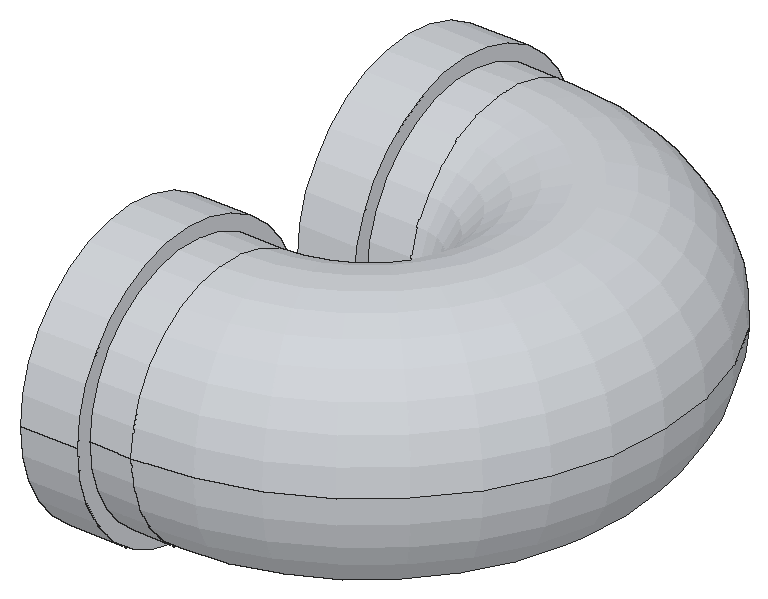
Revit family "M_Return Bend Open-Pattern - Threaded - MI - Class 150", category Pipe Fittings, Revit 2014
Parameters (values of type "Standard")
  Tick Size [instance] = Fitting Outside Diameter * 0.4  # 10.88 mm
  Thread Length [instance] = size_lookup(Lookup Table Name, "TLgt", 0.19 * Nominal Diameter + 9.624 mm, Nominal Diameter)  # 10.9 mm
  Nominal Radius [instance] = 7.5 mm
  Nominal Diameter [instance] = Nominal Radius * 2  # 15 mm
  Metal Thickness [instance] = size_lookup(Lookup Table Name, "MThk", 0.06 * Nominal Diameter + 2.282 mm, Nominal Diameter)  # 2.95 mm
  Lookup Table Name = "M_Return Bend Open-Pattern - Threaded - MI - Class 150"
  Length 1 [instance] = Fitting Inside Diameter + 2 * Metal Thickness + 0.794 mm  # 27.994 mm
  Half Center to Center [instance] = 0.5 * Center to Center  # 19.05 mm
  Fitting Outside Radius [instance] = Fitting Outside Diameter / 2  # 13.6 mm
  Fitting Outside Diameter [instance] = Fitting Inside Diameter + Metal Thickness * 2  # 27.2 mm
  Fitting Inside Diameter [instance] = size_lookup(Lookup Table Name, "FID", 1.06 * Nominal Diameter + 6.052 mm, Nominal Diameter)  # 21.3 mm
  Center to Center [instance] = if(Center to Center 1 > Fitting Inside Diameter + 2 * Metal Thickness, Center to Center 1, Length 1)  # 38.1 mm
  Center to Center 1 [instance] = size_lookup(Lookup Table Name, "CtC", 1.26 * Nominal Diameter + 30.361 mm, Nominal Diameter)  # 38.1 mm
  Band Width [instance] = size_lookup(Lookup Table Name, "BWid", 0.12 * Nominal Diameter + 4.564 mm, Nominal Diameter)  # 6.3 mm
  Band Outside Radius [instance] = Band Outside Diameter / 2  # 15.2 mm
  Band Outside Diameter [instance] = size_lookup(Lookup Table Name, "BOD", 1.22 * Nominal Diameter + 13.295 mm, Nominal Diameter)  # 30.4 mm
Reference planes
  plane 1 "Center (Front/Back)": y = 0
  plane 2: z = 0
  plane 3 "Center (Left/Right)": x = 0
  plane 4: y = -38.1
  plane 5: x = 6.3
  plane 6: x = 10.9
  plane 7: y = -19.05
Forms (mm)
  Sweep 1, solid, detail levels fine
    path origin (0, 0, 0) x (1, 0, 0) y (0, 1, 0)
      loop
        line (0, 0) -> (6.3, 0)
    profile origin (3.15, 0, 0) x (0, 1, 0) y (0, 0, 1)
      loop
        circle (0, 0) r 15.2
  Sweep 2, solid, detail levels fine
    path origin (0, 0, 0) x (1, 0, 0) y (0, 1, 0)
      loop
        line (0, -38.1) -> (6.3, -38.1)
    profile origin (3.15, -38.1, 0) x (0, 1, 0) y (0, 0, 1)
      loop
        circle (0, 0) r 15.2
  Sweep 3, solid, detail levels fine
    path origin (0, 0, 0) x (1, 0, 0) y (0, 1, 0)
      loop
        line (6.3, 0) -> (10.9, 0)
        arc (10.9, 0) -> (29.95, -19.05) -> (10.9, -38.1) r 19.05
        line (10.9, -38.1) -> (6.3, -38.1)
    profile origin (29.95, -19.05, 0) x (1, 0, 0) y (0, 0, 1)
      loop
        circle (0, 0) r 13.6
Cuts and joins
  joined: Sweep 1, Sweep 2, Sweep 3
Lines and regions (mm)
  model lines, detail levels coarse+medium
    curve 1: line (0, -38.1, 0) -> (10.9, -38.1, 0)
    curve 2: line (0, 0, 0) -> (10.9, 0, 0)
    curve 3: arc (10.9, 0, 0) -> (29.95, -19.05, 0) -> (10.9, -38.1, 0) r 19.05
    curve 4: line (0, 10.88, 0) -> (0, -10.88, 0)
    curve 5: line (0, -27.22, 0) -> (0, -48.98, 0)
Dimensions and locks
  "Center to Center": plane 4 to plane 1 "Center (Front/Back)"
  "Band Width": plane 3 "Center (Left/Right)" to plane 5
  "Thread Length": plane 3 "Center (Left/Right)" to plane 6
  equal spacing: plane 4, plane 7, plane 1 "Center (Front/Back)"
  "Tick Size": curve 4 to curve 2  (x2)
  "Tick Size": curve 5 to curve 1
  "Tick Size": curve 1 to curve 5
  "Band Outside Radius": radius of Sweep 1 sketch curve
  "Band Outside Radius": radius of Sweep 2 sketch curve
  "Half Center to Center": radius of Sweep 3 sketch curve
  "Fitting Outside Radius": radius of Sweep 3 sketch curve
  "Half Center to Center": radius of curve 3
  aligned and locked: plane 3 "Center (Left/Right)" to Sweep 1 sketch curve
  aligned and locked: plane 5 to Sweep 1 sketch curve
  aligned and locked: plane 1 "Center (Front/Back)" to Sweep 1 sketch curve  (x2)
  aligned and locked: plane 2 to Sweep 1 sketch curve
  aligned and locked: plane 3 "Center (Left/Right)" to Sweep 2 sketch curve
  aligned and locked: Sweep 2 sketch curve to plane 4
  aligned and locked: plane 2 to Sweep 2 sketch curve
  aligned and locked: plane 4 to Sweep 2 sketch curve
  aligned and locked: plane 7 to Sweep 3 sketch curve
  aligned and locked: plane 6 to Sweep 3 sketch curve
  aligned and locked: Sweep 1 to Sweep 3 sketch curve
  aligned and locked: plane 1 "Center (Front/Back)" to Sweep 3 sketch curve
  aligned and locked: Sweep 2 to Sweep 3 sketch curve
  aligned and locked: Sweep 3 sketch curve to plane 4
  aligned and locked: plane 7 to curve 3
  aligned and locked: plane 6 to curve 3
  aligned and locked: plane 1 "Center (Front/Back)" to curve 2
  aligned and locked: curve 1 to plane 4
  aligned and locked: curve 4 to plane 3 "Center (Left/Right)"
  aligned and locked: curve 5 to plane 3 "Center (Left/Right)"
  aligned and locked: plane 6 to curve 2
  aligned and locked: plane 6 to curve 1
Automatic sketch dimensions
  Sweep 2 sketch curve to plane 5 = 0 mm
  Sweep 3 sketch curve to level = 0 mm
  Sweep 3 sketch curve to profile plane = 0 mm
Connectors
  piping at (0, 0, 0), diameter 15, driven by "Nominal Radius"
    settings: on Sweep 1, index 1, connector inside diameter 15 mm, connector length 0 mm, flow factor 0, pipe flow 0.0 L/s, pressure drop 0.0 Pa, fitting loss kfactor 0, connector angle 0.00°, fixture units 0, engagement length 0 mm, angle of deflection 0.00°, flow configuration 0, flow direction 0, fitting loss method 0, system type 28, joint type 0, gender type 0, connector reference index 2, connector utility 0, adjustable connector no, is connector primary yes, connector description ""
  piping at (0, -38.1, 0), diameter 15, driven by "Nominal Radius"
    settings: on Sweep 2, index 2, connector inside diameter 15 mm, connector length 0 mm, flow factor 0, pipe flow 0.0 L/s, pressure drop 0.0 Pa, fitting loss kfactor 0, connector angle 0.00°, fixture units 0, engagement length 0 mm, angle of deflection 0.00°, flow configuration 0, flow direction 0, fitting loss method 0, system type 28, joint type 0, gender type 0, connector reference index 1, connector utility 0, adjustable connector no, is connector primary no, connector description ""
